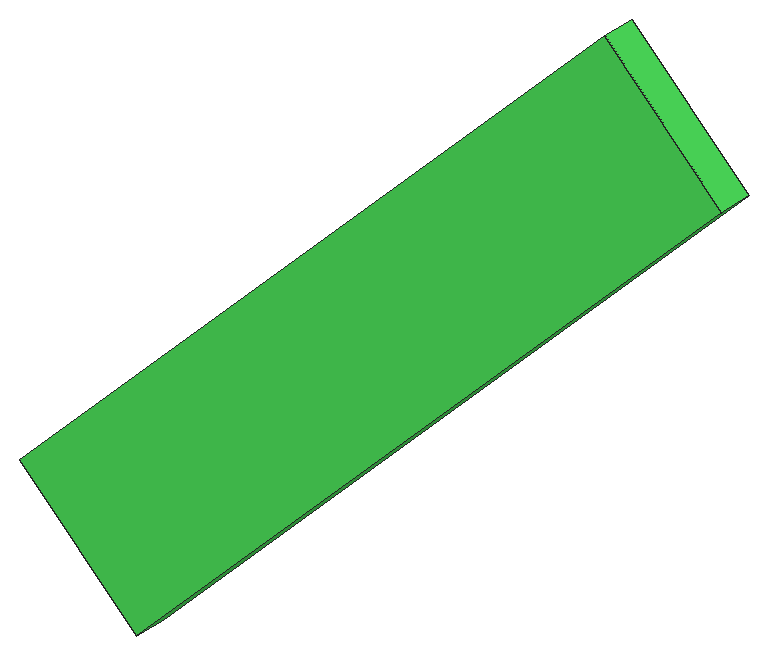
Revit family "機器サポート_角形鋼管(長方形)", category Generic Models, Revit 2023
Family settings
  Can host rebar = No
  Round Connector Dimension = Use Diameter
  Part Type = Normal
  Work Plane-Based = Yes
  Always vertical = No
  Cut with Voids When Loaded = No
  Maintain Annotation Orientation = No
  Shared = No
  Room Calculation Point = No
Parameters (values of type "100 x 20")
  高さ = 100 mm
  長辺 [instance] = 長さ  # 500 mm
  長さ [instance] = 500 mm
  部屋名 = ""
  角度 [instance] = 45.00°
  Default Elevation = 1219.2 mm
  構造マテリアル = E003_機器サポート
  幅 = 20 mm
Types (20, lengths in mm): name | 高さ | 幅
  50 x 20 | 50 | 20
  50 x 30 | 50 | 30
  60 x 30 | 60 | 30
  75 x 20 | 75 | 20
  75 x 45 | 75 | 45
  80 x 40 | 80 | 40
  90 x 40 | 90 | 40
  100 x 20 | 100 | 20
  100 x 40 | 100 | 40
  100 x 50 | 100 | 50
  125 x 40 | 125 | 40
  125 x 75 | 125 | 75
  150 x 100 | 150 | 100
  150 x 75 | 150 | 75
  150 x 80 | 150 | 80
  200 x 100 | 200 | 100
  200 x 150 | 200 | 150
  300 x 200 | 300 | 200
  350 x 150 | 350 | 150
  400 x 200 | 400 | 200
Reference planes
  plane 1 "中心(正面/背面)": y = 0
  plane 2: z = 0
  plane 3 "中心(左/右)": x = 0
Lines and regions (mm)
  reference lines
    curve 1: line (0, 0, 0) -> (848.528, 0, 848.528)
    curve 2: line (35.355, 0, -35.355) -> (-35.355, 0, 35.355)
    curve 3: line (388.909, 0, 318.198) -> (318.198, 0, 388.909)
Dimensions and locks
  equal spacing: curve 2, curve 1, curve 2
  "高さ": curve 2 to curve 2
  equal spacing: curve 3, curve 1, curve 3
  "高さ": curve 3 to curve 3
  "長さ": curve 2 to curve 3
  "角度": angle level to curve 1
  angle curve 2 to curve 1 = 90.00°
  angle curve 3 to curve 1 = 90.00°
  aligned and locked: level to plane 2
  aligned and locked: level to curve 1
  aligned and locked: plane 3 "中心(左/右)" to curve 1
  aligned and locked: nested 1 to curve 1
Nested families
  nested 1: "グレーチング_角形鋼管(長方形)" at (-35.355, 0, 35.355) x (0, 1, 0) z (0.7071, 0, -0.7071), 長さ <- "長さ", type "50 x 20"
    with 長辺 500 mm, 長さ 500 mm, 高さ 100 mm
Definition of nested family "グレーチング_角形鋼管(長方形)"
  Parameters (values of type "50 x 20")
    高さ = 50 mm
    長辺 [instance] = 長さ  # 1000 mm
    長さ [instance] = 1000 mm
    部屋名 = ""
    Default Elevation = 1219.2 mm
    構造マテリアル = none
    幅 = 20 mm
  Reference planes
    plane 1 "中心(正面/背面)": y = 0
    plane 2: z = 0
    plane 3 "中心(左/右)": x = 0
    plane 4: z = 25
    plane 5: z = 50
  Forms (mm)
    Extrusion 1, solid, material <- "構造マテリアル"
      sketch origin (0, 0, 0) x (1, 0, 0) y (0, 1, 0)
        loop
          line (-10, 1000) -> (-10, 0) -> (10, 0) -> (10, 1000) -> (-10, 1000)
      from 0 to 50
  Lines and regions (mm)
    reference lines
      curve 1: line (10, 1000, 0) -> (-10, 1000, 0)
      curve 2: line (10, 0, 0) -> (-10, 0, 0)
  Dimensions and locks
    "長さ": curve 1 to curve 2
    "幅": Extrusion 1 to Extrusion 1
    equal spacing: Extrusion 1, plane 3 "中心(左/右)", Extrusion 1
    "幅": curve 1 to curve 1
    equal spacing: curve 1, plane 3 "中心(左/右)", curve 1
    "幅": curve 2 to curve 2
    equal spacing: curve 2, plane 3 "中心(左/右)", curve 2
    equal spacing: plane 5, plane 4, level
    "高さ": plane 5 to level
    aligned and locked: level to plane 2
    aligned and locked: Extrusion 1 to curve 2
    aligned and locked: curve 1 to Extrusion 1
    aligned and locked: plane 5 to Extrusion 1
  Automatic sketch dimensions
    Extrusion 1 sketch curve to plane 3 "中心(左/右)" = 10 mm
    plane 3 "中心(左/右)" to Extrusion 1 sketch curve = 10 mm
    plane 1 "中心(正面/背面)" to Extrusion 1 sketch curve = 0 mm
    Extrusion 1 sketch curve to plane 1 "中心(正面/背面)" = 1000 mm
    plane 1 "中心(正面/背面)" to curve 2 = 0 mm
